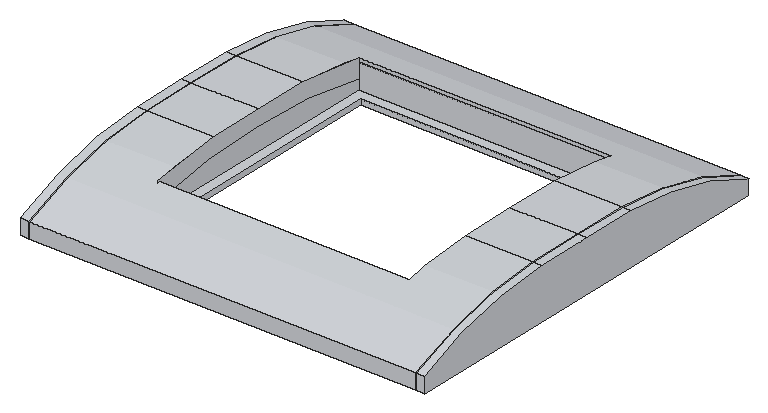
Revit family "Gira_021114", category Electrical Fixtures, host Face, Revit 2017
Family settings
  Host = Face
  Maintain Annotation Orientation = No
  Round Connector Dimension = Use Diameter
  Part Type = Normal
  Cut with Voids When Loaded = No
  Shared = No
  Room Calculation Point = No
Parameters (values of type "Cov.fr. 1-g interm.fr. AN Gira Event Opaque amber")
  With mounting grid = "No"
  With hinged lid = "No"
  URL = "http://katalog.gira.de/en/datenblatt.html?artikelnr=021114"
  Type of fastening = "Clamp mounting"
  Transparent = "No"
  Surface protection = "Other"
  Suitable for wall duct = "No"
  Suitable for flush-mounted installation = "Yes"
  Suitable for floor box = "No"
  Suitable for built-in installation = "No"
  Number of units vertical = "1"
  Number of units horizontal = "1"
  Number of units = "1"
  Name = "Cov.fr. 1-g interm.fr. AN Gira Event Opaque amber"
  Mounting direction = "Horizontal and vertical"
  Material quality = "Thermoplastic"
  Material = "Plastic"
  Manufacturer URL = "https://www.gira.de/"
  Manufacturer = "Gira"
  Label space/information surface = "No"
  Keynote = ""
  HeinzeBIM = "https://bimportal.heinze.de/bim/cov-fr-1-g-interm-fr-an-gira-event-opaque-amber/883bab2cd4d2b47edab06e600015c46477abb3ca"
  Halogen free = "Yes"
  HAN = "021114"
  GTIN = "4010337003144"
  Description = "Cov.fr.1g i.fr.AN EvOp AR,Gira Event Opaque frames,amber with anthracite intermediate frame,1-gang,Features:,- Shatter-proof."
  Degree of protection (IP) = "IP20"
  Default Elevation = 1219.2 mm
  Data sheet (1) = "https://katalog.gira.de/en/download.html?artikelnr=021114"
  Colour = "Other"
  Category = "Cover frame for domestic switching devices"
  BIM (1) = "https://media.stage.bim.site/public/gira/36a6b08/Event_Rahmen_1fach.rfa"
  Available = "No"
Reference planes
  plane 1 "Center (Front/Back)": y = 0
  plane 2: z = 0
  plane 3 "Center (Left/Right)": x = 0
Forms (mm)
  Extrusion 1, solid, detail levels fine
    sketch origin (0, 0, 1.55) x (0, 1, 0) y (0, 0, 1)
      loop
        arc (12.445, 9.683) -> (6.223, 9.833) -> (0, 9.85) r 291.636
        arc (0, 9.85) -> (-6.223, 9.833) -> (-12.445, 9.683) r 291.636
        arc (-12.445, 9.683) -> (-29.14, 7.482) -> (-45, 1.823) r 79.728
        line (-45, 1.823) -> (-45, -1.55) -> (-41.777, -1.55) -> (-41.777, -0.55)
        arc (-41.777, -0.55) -> (-21.205, 4.846) -> (0, 6.467) r 118.15
        arc (0, 6.467) -> (21.205, 4.846) -> (41.777, -0.55) r 118.15
        line (41.777, -0.55) -> (41.777, -1.55) -> (45, -1.55) -> (45, 1.823)
        arc (45, 1.823) -> (29.14, 7.482) -> (12.445, 9.683) r 79.728
    from -43 to 43
  Extrusion 2, void, detail levels fine
    sketch origin (0, 0, 0) x (1, 0, 0) y (0, 1, 0)
      loop
        line (-28, -28) -> (28, -28) -> (28, 28) -> (-28, 28) -> (-28, -28)
    from 2.85 to 12
  Extrusion 3, solid, detail levels coarse
    sketch origin (0, 0, 0) x (1, 0, 0) y (0, 1, 0)
      loop
        line (-45, 45) -> (-45, -45) -> (45, -45) -> (45, 45) -> (-45, 45)
    from 0 to 11.4
  Extrusion 4, solid, detail levels medium
    sketch origin (0, 0, 1.55) x (0, 1, 0) y (0, 0, 1)
      loop
        arc (12.445, 9.683) -> (6.223, 9.833) -> (0, 9.85) r 291.636
        arc (0, 9.85) -> (-6.223, 9.833) -> (-12.445, 9.683) r 291.636
        arc (-12.445, 9.683) -> (-29.14, 7.482) -> (-45, 1.823) r 79.728
        line (-45, 1.823) -> (-45, -1.55) -> (45, -1.55) -> (45, 1.823)
        arc (45, 1.823) -> (29.14, 7.482) -> (12.445, 9.683) r 79.728
    from -45 to 45
  Extrusion 5, solid, detail levels fine
    sketch origin (0, 0, 0) x (0, 1, 0) y (0, 0, 1)
      loop
        arc (45, 3.373) -> (29.14, 9.032) -> (12.445, 11.233) r 79.728
        arc (12.445, 11.233) -> (6.223, 11.383) -> (0, 11.4) r 291.636
        arc (0, 11.4) -> (-6.223, 11.383) -> (-12.445, 11.233) r 291.636
        arc (-12.445, 11.233) -> (-29.14, 9.032) -> (-45, 3.373) r 79.728
        line (-45, 3.373) -> (-45, 0) -> (45, 0) -> (45, 3.373)
    from 43 to 45
  Extrusion 6, solid, detail levels fine
    sketch origin (0, 0, 0) x (0, 1, 0) y (0, 0, -1)
      loop
        line (45, -3.373) -> (45, 0) -> (-45, 0) -> (-45, -3.373)
        arc (-45, -3.373) -> (-29.14, -9.032) -> (-12.445, -11.233) r 79.728
        arc (-12.445, -11.233) -> (-6.223, -11.383) -> (0, -11.4) r 291.636
        arc (0, -11.4) -> (6.223, -11.383) -> (12.445, -11.233) r 291.636
        arc (12.445, -11.233) -> (29.14, -9.032) -> (45, -3.373) r 79.728
    from 43 to 45
  Extrusion 7, solid, detail levels fine
    sketch origin (0, 0, 0) x (1, 0, 0) y (0, 1, 0)
      loop
        line (-25.7, 25.7) -> (-25.7, -25.7) -> (25.7, -25.7) -> (25.7, 25.7) -> (-25.7, 25.7)
      loop
        line (-29.495, 27.895) -> (-29.495, -27.895)
        spline (-29.495, -27.895) -> (-29.486, -28.025) -> (-29.461, -28.154) -> (-29.419, -28.278) -> (-29.361, -28.395) -> (-29.288, -28.504) -> (-29.202, -28.602) -> (-29.104, -28.688) -> (-28.995, -28.761) -> (-28.878, -28.819) -> (-28.754, -28.861) -> (-28.625, -28.886) -> (-28.495, -28.895)
        line (-28.495, -28.895) -> (28.495, -28.895)
        spline (28.495, -28.895) -> (28.625, -28.886) -> (28.754, -28.861) -> (28.878, -28.819) -> (28.995, -28.761) -> (29.104, -28.688) -> (29.202, -28.602) -> (29.288, -28.504) -> (29.361, -28.395) -> (29.419, -28.278) -> (29.461, -28.154) -> (29.486, -28.025) -> (29.495, -27.895)
        line (29.495, -27.895) -> (29.495, 27.895)
        spline (29.495, 27.895) -> (29.486, 28.025) -> (29.461, 28.154) -> (29.419, 28.278) -> (29.361, 28.395) -> (29.288, 28.504) -> (29.202, 28.602) -> (29.104, 28.688) -> (28.995, 28.761) -> (28.878, 28.819) -> (28.754, 28.861) -> (28.625, 28.886) -> (28.495, 28.895)
        line (28.495, 28.895) -> (-28.495, 28.895)
        spline (-28.495, 28.895) -> (-28.625, 28.886) -> (-28.754, 28.861) -> (-28.878, 28.819) -> (-28.995, 28.761) -> (-29.104, 28.688) -> (-29.202, 28.602) -> (-29.288, 28.504) -> (-29.361, 28.395) -> (-29.419, 28.278) -> (-29.461, 28.154) -> (-29.486, 28.025) -> (-29.495, 27.895)
    from 1.673 to 8.5
Cuts and joins
  Extrusion 2 cuts Extrusion 1
  Extrusion 2 cuts Extrusion 7
Dimensions and locks
  aligned and locked: plane 2 to host face
  aligned and locked: level to host face
